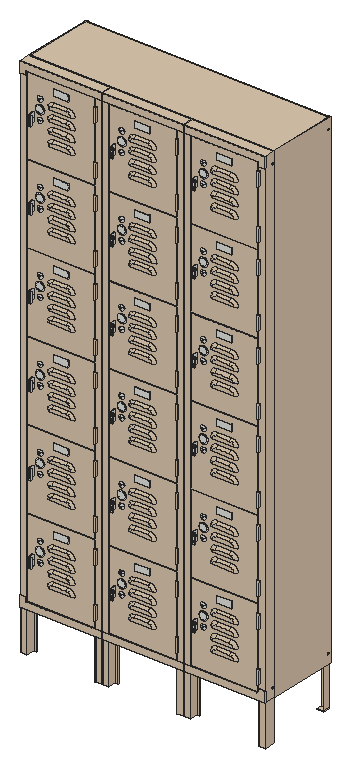
Revit family "Metal_Lockers-Salsbury_Industries-65000_66000_Series-3_Wide_Units", category Specialty Equipment, Revit 2024 (continued)
Nested families (in)
  nested 36: "Metal Locker Doors-12 inch with Latch Hasps" at (-0.01383, -5.555, 53.72076), type <- "Door Location D1", type "Six Tier Door - 6 foot"
  nested 37: "Metal Locker Doors-12 inch with Latch Hasps" at (-12.02717, -5.555, 53.72076), type <- "Door Location D1", type "Six Tier Door - 6 foot"
  nested 38: "Metal Locker Doors-12 inch with Latch Hasps" at (11.99976, -5.555, 65.37776), type <- "Door Location D1", visible <- "Top Row of Doors", type "Six Tier Door - 6 foot"
  nested 39: "Metal Locker Doors-12 inch with Latch Hasps" at (-0.01383, -5.555, 65.37776), type <- "Door Location D1", visible <- "Top Row of Doors", type "Six Tier Door - 6 foot"
  nested 40: "Metal Locker Doors-12 inch with Latch Hasps" at (-12.02717, -5.555, 65.37776), type <- "Door Location D1", visible <- "Top Row of Doors", type "Six Tier Door - 6 foot"
Definition of nested family "Metal Locker Legs - 3 Wide"
  Parameters (values of type "6" High - 45"W x 18"D")
    Width = 45.040"
    Visible = yes
    Version = "1.0 (11/30/15)"
    Type Comments = "Standard Metal Locker Legs"
    Primary Structure Material = none
    Model = "n/a"
    MasterFormat Title = ""
    MasterFormat Number = ""
    Manufacturer = "Salsbury Industries"
    Description = "45\"W x 6\" H x 18\"D"
    Depth = 18.010"
    Height = 6.000"
    Default Elevation = 0.000"
    Assembly Code = ""
  Types (6): name | Width | Visible | Type Comments | Description | Depth
    6" High - 36" W x 12" D | 36.040" | yes | "Standard Metal Locker Legs" | "36\"W x 6\" H x 12\"D" | 12.010"
    6" High - 36" W x 15" D | 36.040" | yes | "Standard Metal Locker Legs" | "36\"W x 6\" H x 15\"D" | 15.010"
    6" High - 36"W x 18"D | 36.040" | yes | "Standard Metal Locker Legs" | "36\"W x 6\" H x 18\"D" | 18.010"
    6" High - 45"W x 15"D | 45.040" | yes | "Standard Metal Locker Legs" | "45\"W x 6\" H x 15\"D" | 15.010"
    6" High - 45"W x 18"D | 45.040" | yes | "Standard Metal Locker Legs" | "45\"W x 6\" H x 18\"D" | 18.010"
    No Legs | 36.040" | no | "No Legs" | "" | 12.010"
  Reference planes (in)
    plane 1 "Center (Front/Back)": y = 0
    plane 2: z = 0
    plane 3 "Center (Left/Right)": x = 0
    plane 4 "Floor": z = 0
    plane 5 "Bottom of Unit": z = 6
    plane 6 "Left Side of Unit": x = -22.52
    plane 7 "Right Side of Unit": x = 22.52
    plane 8 "Back of Unit": y = 9.005
    plane 9 "Front of Unit": y = -9.005
    plane 10 "Right Side of Door Opening": x = 21.52
    plane 11 "Left Side of Door Opening": x = -21.52
    plane 12 "Top of back legs": z = 6.185
    plane 13 "Back Edge of Front Facing": y = -7.417
    plane 14 "Inside Edge of Front Leg": x = -21.08
    plane 15 "Inside Edge of Right Leg": x = 21.08
    plane 16: y = -7.82
    plane 17 "Back Edge of Rear Legs": y = 8.895
    plane 18 "Right Edge of Rear Right Leg": x = 22.4
    plane 19 "Left Edge or Rear Left Leg": x = -22.4
    plane 20: y = 7.895
    plane 21 "Inside Edge or Rear Right Leg": x = 21.4
    plane 22 "Inside Edge or Left Rear Leg": x = -21.4
    plane 23: x = 7.50667
    plane 24: x = -7.50667
  Forms (in)
    Extrusion 1, solid, material <- "Primary Structure Material", visible <- "Visible"
      sketch origin (0, 0, 0) x (0, -1, 0) y (1, 0, 0)
        loop
          line (7.417, 22.52) -> (7.417, 22.46) -> (8.945, 22.46) -> (8.945, 21.58) -> (7.76, 21.58) -> (7.76, 21.08) -> (7.82, 21.08) -> (7.82, 21.52) -> (9.005, 21.52) -> (9.005, 22.52) -> (7.417, 22.52)
      from 0 to 6
    Extrusion 2, solid, material <- "Primary Structure Material", visible <- "Visible"
      sketch origin (0, 0, 0) x (0, -1, 0) y (1, 0, 0)
        loop
          line (7.417, -22.52) -> (9.005, -22.52) -> (9.005, -21.52) -> (7.82, -21.52) -> (7.82, -21.08) -> (7.76, -21.08) -> (7.76, -21.58) -> (8.945, -21.58) -> (8.945, -22.46) -> (7.417, -22.46) -> (7.417, -22.52)
      from 0 to 6
    Extrusion 3, solid, material <- "Primary Structure Material", visible <- "Visible"
      sketch origin (0, 0, 0) x (0, -1, 0) y (1, 0, 0)
        loop
          line (-8.895, 22.4) -> (-8.895, 21.4) -> (-8.835, 21.4) -> (-8.835, 22.34) -> (-7.895, 22.34) -> (-7.895, 22.4) -> (-8.895, 22.4)
      from 0.06 to 6.185
    Extrusion 4, solid, material <- "Primary Structure Material", visible <- "Visible"
      sketch origin (0, 0, 0) x (0, -1, 0) y (1, 0, 0)
        loop
          line (-8.895, 22.4) -> (-8.895, 21.4) -> (-7.895, 21.4) -> (-7.895, 22.4) -> (-8.895, 22.4)
      from 0 to 0.06
    Extrusion 5, solid, material <- "Primary Structure Material", visible <- "Visible"
      sketch origin (0, 0, 0) x (0, -1, 0) y (1, 0, 0)
        loop
          line (-8.895, -22.4) -> (-7.895, -22.4) -> (-7.895, -22.34) -> (-8.835, -22.34) -> (-8.835, -21.4) -> (-8.895, -21.4) -> (-8.895, -22.4)
      from 0.06 to 6.185
    Extrusion 6, solid, material <- "Primary Structure Material", visible <- "Visible"
      sketch origin (0, 0, 0) x (0, -1, 0) y (1, 0, 0)
        loop
          line (-8.895, -22.4) -> (-7.895, -22.4) -> (-7.895, -21.4) -> (-8.895, -21.4) -> (-8.895, -22.4)
      from 0 to 0.06
    Extrusion 7, solid, material <- "Primary Structure Material", visible <- "Visible"
      sketch origin (12, 0, 0) x (0, -1, 0) y (1, 0, 0)
        loop
          line (7.417, -19.50667) -> (9.005, -19.50667) -> (9.005, -18.50667) -> (7.82, -18.50667) -> (7.82, -18.06667) -> (7.76, -18.06667) -> (7.76, -18.56667) -> (8.945, -18.56667) -> (8.945, -19.44667) -> (7.417, -19.44667) -> (7.417, -19.50667)
      from 0 to 6
    Extrusion 8, solid, material <- "Primary Structure Material", visible <- "Visible"
      sketch origin (24.04, 0, 0) x (0, -1, 0) y (1, 0, 0)
        loop
          line (7.417, -16.53333) -> (9.005, -16.53333) -> (9.005, -15.53333) -> (7.82, -15.53333) -> (7.82, -15.09333) -> (7.76, -15.09333) -> (7.76, -15.59333) -> (8.945, -15.59333) -> (8.945, -16.47333) -> (7.417, -16.47333) -> (7.417, -16.53333)
      from 0 to 6
    Extrusion 9, solid, material <- "Primary Structure Material", visible <- "Visible"
      sketch origin (-12, 0, 0) x (0, -1, 0) y (1, 0, 0)
        loop
          line (7.417, 19.50667) -> (7.417, 19.44667) -> (8.945, 19.44667) -> (8.945, 18.56667) -> (7.76, 18.56667) -> (7.76, 18.06667) -> (7.82, 18.06667) -> (7.82, 18.50667) -> (9.005, 18.50667) -> (9.005, 19.50667) -> (7.417, 19.50667)
      from 0 to 6
    Extrusion 10, solid, material <- "Primary Structure Material", visible <- "Visible"
      sketch origin (-24.04, 0, 0) x (0, -1, 0) y (1, 0, 0)
        loop
          line (7.417, 16.53333) -> (7.417, 16.47333) -> (8.945, 16.47333) -> (8.945, 15.59333) -> (7.76, 15.59333) -> (7.76, 15.09333) -> (7.82, 15.09333) -> (7.82, 15.53333) -> (9.005, 15.53333) -> (9.005, 16.53333) -> (7.417, 16.53333)
      from 0 to 6
  Dimensions and locks (in)
    equal spacing: plane 6 "Left Side of Unit", plane 3 "Center (Left/Right)", plane 7 "Right Side of Unit"
    "Width": plane 6 "Left Side of Unit" to plane 7 "Right Side of Unit"
    "Height": plane 5 "Bottom of Unit" to plane 4 "Floor"
    equal spacing: plane 9 "Front of Unit", plane 1 "Center (Front/Back)", plane 8 "Back of Unit"
    "Depth": plane 9 "Front of Unit" to plane 8 "Back of Unit"
    plane 12 "Top of back legs" to plane 5 "Bottom of Unit" = 0.185"
    plane 6 "Left Side of Unit" to plane 11 "Left Side of Door Opening" = 1.000"
    plane 10 "Right Side of Door Opening" to plane 7 "Right Side of Unit" = 1.000"
    locked: plane 9 "Front of Unit" to plane 13 "Back Edge of Front Facing" at 1.588
    plane 11 "Left Side of Door Opening" to plane 14 "Inside Edge of Front Leg" = 0.440"
    plane 15 "Inside Edge of Right Leg" to plane 10 "Right Side of Door Opening" = 0.440"
    plane 9 "Front of Unit" to plane 16 = 1.185"
    plane 15 "Inside Edge of Right Leg" to plane 21 "Inside Edge or Rear Right Leg" to plane 10 "Right Side of Door Opening" to plane 18 "Right Edge of Rear Right Leg" to plane 7 "Right Side of Unit" = 0.320", 0.120", 0.880", 0.120"
    plane 6 "Left Side of Unit" to plane 19 "Left Edge or Rear Left Leg" to plane 11 "Left Side of Door Opening" to plane 22 "Inside Edge or Left Rear Leg" to plane 14 "Inside Edge of Front Leg" = 0.120", 0.880", 0.120", 0.320"
    plane 20 to plane 17 "Back Edge of Rear Legs" to plane 8 "Back of Unit" = 1.000", 0.110"
    equal spacing: plane 6 "Left Side of Unit", plane 24, plane 23, plane 7 "Right Side of Unit"
    aligned and locked: level to plane 2
    aligned and locked: Extrusion 3 to Extrusion 4
    aligned and locked: Extrusion 6 to Extrusion 5
    aligned and locked: Extrusion 3 to plane 18 "Right Edge of Rear Right Leg"
    aligned and locked: Extrusion 3 to plane 17 "Back Edge of Rear Legs"
    aligned and locked: Extrusion 5 to plane 19 "Left Edge or Rear Left Leg"
    aligned and locked: plane 17 "Back Edge of Rear Legs" to Extrusion 5
    aligned and locked: plane 5 "Bottom of Unit" to Extrusion 2
    aligned and locked: Extrusion 1 to plane 5 "Bottom of Unit"
    aligned and locked: Extrusion 3 to plane 12 "Top of back legs"
    aligned and locked: plane 12 "Top of back legs" to Extrusion 5
  Automatic sketch dimensions
    plane 13 "Back Edge of Front Facing" to Extrusion 1 sketch curve = 0.000"
    Extrusion 1 sketch curve to plane 15 "Inside Edge of Right Leg" = 0.000"
    plane 16 to Extrusion 1 sketch curve = 0.000"
    Extrusion 1 sketch curve to plane 7 "Right Side of Unit" = 0.000"
    plane 9 "Front of Unit" to Extrusion 1 sketch curve = 0.000"
    Extrusion 1 sketch curve to plane 10 "Right Side of Door Opening" = 0.000"
    Extrusion 1 sketch curve to plane 16 = 0.060"
    Extrusion 1 sketch curve to plane 9 "Front of Unit" = 0.060"
    Extrusion 1 sketch curve to plane 10 "Right Side of Door Opening" = 0.060"
    plane 7 "Right Side of Unit" to Extrusion 1 sketch curve = 0.060"
    Extrusion 2 sketch curve to plane 13 "Back Edge of Front Facing" = 0.000"
    Extrusion 2 sketch curve to plane 14 "Inside Edge of Front Leg" = 0.000"
    Extrusion 2 sketch curve to plane 16 = 0.000"
    Extrusion 2 sketch curve to plane 6 "Left Side of Unit" = 0.000"
    Extrusion 2 sketch curve to plane 9 "Front of Unit" = 0.000"
    Extrusion 2 sketch curve to plane 11 "Left Side of Door Opening" = 0.000"
    plane 16 to Extrusion 2 sketch curve = 0.060"
    plane 9 "Front of Unit" to Extrusion 2 sketch curve = 0.060"
    Extrusion 2 sketch curve to plane 11 "Left Side of Door Opening" = 0.060"
    plane 6 "Left Side of Unit" to Extrusion 2 sketch curve = 0.060"
    plane 17 "Back Edge of Rear Legs" to Extrusion 3 sketch curve = 0.000"
    Extrusion 3 sketch curve to plane 21 "Inside Edge or Rear Right Leg" = 0.000"
    Extrusion 3 sketch curve to plane 18 "Right Edge of Rear Right Leg" = 0.000"
    plane 20 to Extrusion 3 sketch curve = 0.000"
    plane 17 "Back Edge of Rear Legs" to Extrusion 3 sketch curve = 0.060"
    plane 18 "Right Edge of Rear Right Leg" to Extrusion 3 sketch curve = 0.060"
    plane 17 "Back Edge of Rear Legs" to Extrusion 4 sketch curve = 0.000"
    Extrusion 4 sketch curve to plane 18 "Right Edge of Rear Right Leg" = 0.000"
    plane 20 to Extrusion 4 sketch curve = 0.000"
    Extrusion 4 sketch curve to plane 21 "Inside Edge or Rear Right Leg" = 0.000"
    Extrusion 5 sketch curve to plane 17 "Back Edge of Rear Legs" = 0.000"
    Extrusion 5 sketch curve to plane 22 "Inside Edge or Left Rear Leg" = 0.000"
    Extrusion 5 sketch curve to plane 19 "Left Edge or Rear Left Leg" = 0.000"
    Extrusion 5 sketch curve to plane 20 = 0.000"
    Extrusion 5 sketch curve to plane 17 "Back Edge of Rear Legs" = 0.060"
    Extrusion 5 sketch curve to plane 19 "Left Edge or Rear Left Leg" = 0.060"
    Extrusion 6 sketch curve to plane 17 "Back Edge of Rear Legs" = 0.000"
    Extrusion 6 sketch curve to plane 19 "Left Edge or Rear Left Leg" = 0.000"
    Extrusion 6 sketch curve to plane 20 = 0.000"
    Extrusion 6 sketch curve to plane 22 "Inside Edge or Left Rear Leg" = 0.000"
    plane 13 "Back Edge of Front Facing" to Extrusion 7 sketch curve = 0.000"
    plane 16 to Extrusion 7 sketch curve = 0.000"
    plane 9 "Front of Unit" to Extrusion 7 sketch curve = 0.000"
    Extrusion 7 sketch curve to plane 24 = 0.000"
    plane 16 to Extrusion 7 sketch curve = 0.060"
    plane 9 "Front of Unit" to Extrusion 7 sketch curve = 0.060"
    plane 24 to Extrusion 7 sketch curve = 0.060"
    plane 24 to Extrusion 7 sketch curve = 0.940"
    Extrusion 7 sketch curve to Extrusion 7 sketch curve = 0.060"
    Extrusion 7 sketch curve to Extrusion 7 sketch curve = 0.440"
    plane 13 "Back Edge of Front Facing" to Extrusion 8 sketch curve = 0.000"
    plane 16 to Extrusion 8 sketch curve = 0.000"
    plane 9 "Front of Unit" to Extrusion 8 sketch curve = 0.000"
    Extrusion 8 sketch curve to plane 23 = 0.000"
    plane 16 to Extrusion 8 sketch curve = 0.060"
    plane 9 "Front of Unit" to Extrusion 8 sketch curve = 0.060"
    plane 23 to Extrusion 8 sketch curve = 0.060"
    plane 23 to Extrusion 8 sketch curve = 0.940"
    Extrusion 8 sketch curve to Extrusion 8 sketch curve = 0.060"
    Extrusion 8 sketch curve to Extrusion 8 sketch curve = 0.440"
    plane 13 "Back Edge of Front Facing" to Extrusion 9 sketch curve = 0.000"
    plane 16 to Extrusion 9 sketch curve = 0.000"
    plane 9 "Front of Unit" to Extrusion 9 sketch curve = 0.000"
    Extrusion 9 sketch curve to plane 23 = 0.000"
    Extrusion 9 sketch curve to plane 16 = 0.060"
    Extrusion 9 sketch curve to plane 9 "Front of Unit" = 0.060"
    plane 23 to Extrusion 9 sketch curve = 0.060"
    plane 23 to Extrusion 9 sketch curve = 0.940"
    Extrusion 9 sketch curve to Extrusion 9 sketch curve = 0.060"
    Extrusion 9 sketch curve to Extrusion 9 sketch curve = 0.440"
    plane 13 "Back Edge of Front Facing" to Extrusion 10 sketch curve = 0.000"
    plane 16 to Extrusion 10 sketch curve = 0.000"
    plane 9 "Front of Unit" to Extrusion 10 sketch curve = 0.000"
    Extrusion 10 sketch curve to plane 24 = 0.000"
    Extrusion 10 sketch curve to plane 16 = 0.060"
    Extrusion 10 sketch curve to plane 9 "Front of Unit" = 0.060"
    plane 24 to Extrusion 10 sketch curve = 0.060"
    plane 24 to Extrusion 10 sketch curve = 0.940"
    Extrusion 10 sketch curve to Extrusion 10 sketch curve = 0.060"
    Extrusion 10 sketch curve to Extrusion 10 sketch curve = 0.440"
Definition of nested family "Metal Locker Doors-12 inch with Latch Hasps"
  Parameters (values of type "Six Tier Door - 6 foot")
    Width = 9.901"
    Visible = yes
    Primary Structure Material = none
    Louver Set Vertical Alignment = 2.731"
    Number Plate Alignment = 0.9375"
    Louver Width = 4.000"
    Hinge 2 Placement = 8.449"
    Hinge 1 Placement = 1.125"
    Height = 11.532"
    Hasp Plate Rivet Material = none
    Hasp Height = 1.438"
    Depth = 0.900"
    Default Elevation = 0.000"
  Types (4): name | Louver Set Vertical Alignment | Hinge 2 Placement | Height
    Four Tier Door - 6 foot | 5.710" | 14.142" | 17.360"
    Four Tier Door - 5 foot | 4.240" | 11.142" | 14.360"
    Five Tier Door - 5 foot | 2.826" | 8.188" | 11.463"
    Six Tier Door - 6 foot | 2.731" | 8.449" | 11.532"
  Reference planes (in)
    plane 1 "Center (Front/Back)": y = 0
    plane 2 "Bottom of Door": z = 0
    plane 3 "Center (Left/Right)": x = 0
    plane 4 "Center (Top/Bottom)": z = 5.766
    plane 5 "Top of Door": z = 11.532
    plane 6 "Right Side of Door": x = 4.9505
    plane 7 "Left Side of Door": x = -4.9505
    plane 8 "Front of Door": y = -0.45
    plane 9 "Back of Door": y = 0.45
    plane 10 "Top of Number Plate": z = 10.5945
    plane 11 "Top of Top Vent 1": z = 8.801
    plane 12 "Top of Top Vent 2": z = 7.176
    plane 13 "Top of Top Vent 3": z = 5.551
    plane 14 "Top of Top Vent 4": z = 3.926
    plane 15 "Top of Hasp Alignment": z = 6.485
    plane 16 "Bottom of Hasp Alignment": z = 5.047
    plane 17 "Left Side of Louvers": x = -2
    plane 18 "Right Side of Louvers": x = 2
    plane 19 "Front of Louvers": y = -0.6375
    plane 20: x = -1.094
    plane 21: x = 1.094
    plane 22: z = 9.5945
    plane 23 "Center Hasp": x = -1.7755
    plane 24 "Top of Hinge 2": z = 3.083
    plane 25 "Top of Hinge 1": z = 10.407
    plane 26 "Left Hasp Hole Align": x = -4.263
    plane 27 "Right Hasp Hole Align": x = -4.013
    plane 28 "Center Hasp Stud Align": z = 7.18441
    plane 29 "Top Hasp Stud Align": z = 8.60282
    plane 30 "Vertical Hasp Stud Align": x = -3.076
    plane 31: z = 7.801
    plane 32: z = 6.176
    plane 33: z = 4.551
    plane 34: z = 2.926
    plane 35 "Vertical Center Hasp Align": x = -4.13777
  Forms (in)
    Extrusion 1, solid, material <- "Primary Structure Material", visible <- "Visible"
      sketch origin (0, 0, 0) x (1, 0, 0) y (0, 0, 1)
        loop
          line (-4.9505, 11.532) -> (-4.9505, 0) -> (4.9505, 0) -> (4.9505, 11.532) -> (-4.9505, 11.532)
      from -0.45 to 0.45
    Extrusion 2, solid, material <- "Hasp Plate Rivet Material", visible <- "Visible", detail levels medium+fine
      sketch origin (0, -0.45, 0) x (1, 0, 0) y (0, 0, 1)
        loop
          arc (-1.06847, 10.55895) -> (-1.10166, 10.09621) -> (-1.06847, 9.63347) r 3.2426
          arc (-1.06847, 9.63347) -> (0, 9.59472) -> (1.06847, 9.63347) r 14.75
          arc (1.06847, 9.63347) -> (1.10166, 10.09621) -> (1.06847, 10.55895) r 3.2426
          arc (1.06847, 10.55895) -> (0, 10.59799) -> (-1.06847, 10.55895) r 14.63753
      from 0 to 0.03497
    Extrusion 3, void
      sketch origin (-1.7755, -0.13281, 0.04687) x (0, 0, -1) y (0, -1, 0)
        loop
          circle (-5.44277, -0.16411) r 0.2
      from -0.163 to 0.163
    Extrusion 4, solid, material <- "Primary Structure Material", visible <- "Visible", detail levels medium+fine
      sketch origin (0, 0, 10.407) x (0, -1, 0) y (1, 0, 0)
        loop
          line (0.45, 4.9505) -> (0.575, 4.9505)
          arc (0.575, 4.9505) -> (0.7, 5.0755) -> (0.575, 5.2005) r 0.125
          line (0.575, 5.2005) -> (0.45, 5.2005) -> (0.45, 4.9505)
      from 0 to -2
    Extrusion 5, solid, material <- "Primary Structure Material", visible <- "Visible", detail levels medium+fine
      sketch origin (0, 0, 3.083) x (0, -1, 0) y (1, 0, 0)
        loop
          line (0.45, 4.9505) -> (0.575, 4.9505)
          arc (0.575, 4.9505) -> (0.7, 5.0755) -> (0.575, 5.2005) r 0.125
          line (0.575, 5.2005) -> (0.45, 5.2005) -> (0.45, 4.9505)
      from 0 to -2
    Extrusion 6, void
      sketch origin (0, -0.45, 0) x (1, 0, 0) y (0, 0, 1)
        loop
          line (-4.263, 6.485) -> (-4.263, 5.047) -> (-4.013, 5.047) -> (-4.013, 6.485) -> (-4.263, 6.485)
      from -0.9 to 0
    Blend 7, solid, material <- "Primary Structure Material", visible <- "Visible"
      base sketch origin (0.875, -0.45, 0.208) x (1, 0, 0) y (0, 0, 1)
        loop
          line (-2.875, 7.593) -> (1.125, 7.593)
          arc (1.125, 7.593) -> (0.83211, 8.30011) -> (0.125, 8.593) r 1
          line (0.125, 8.593) -> (-1.875, 8.593)
          arc (-1.875, 8.593) -> (-2.58211, 8.30011) -> (-2.875, 7.593) r 1
      top sketch origin (0.875, -0.6375, 0.208) x (1, 0, 0) y (0, 0, 1)
        loop
          line (-2.44242, 7.593) -> (0.69242, 7.593)
          arc (0.69242, 7.593) -> (0.52766, 7.99075) -> (0.12992, 8.1555) r 0.5625
          line (0.12992, 8.1555) -> (-1.87992, 8.1555)
          arc (-1.87992, 8.1555) -> (-2.27766, 7.99075) -> (-2.44242, 7.593) r 0.5625
      from 0 to 0
    Blend 8, solid, material <- "Primary Structure Material", visible <- "Visible"
      base sketch origin (0.875, -0.45, 1.652) x (1, 0, 0) y (0, 0, 1)
        loop
          line (-2.875, 4.524) -> (1.125, 4.524)
          arc (1.125, 4.524) -> (0.83211, 5.23111) -> (0.125, 5.524) r 1
          line (0.125, 5.524) -> (-1.875, 5.524)
          arc (-1.875, 5.524) -> (-2.58211, 5.23111) -> (-2.875, 4.524) r 1
      top sketch origin (0.875, -0.6375, 1.652) x (1, 0, 0) y (0, 0, 1)
        loop
          line (-2.43346, 4.524) -> (0.68346, 4.524)
          arc (0.68346, 4.524) -> (0.52224, 4.91321) -> (0.13303, 5.07443) r 0.55043
          line (0.13303, 5.07443) -> (-1.88303, 5.07443)
          arc (-1.88303, 5.07443) -> (-2.27224, 4.91321) -> (-2.43346, 4.524) r 0.55043
      from 0 to 0
    Blend 9, solid, material <- "Primary Structure Material", visible <- "Visible"
      base sketch origin (0.875, -0.45, -3.042) x (1, 0, 0) y (0, 0, 1)
        loop
          line (-2.875, 7.593) -> (1.125, 7.593)
          arc (1.125, 7.593) -> (0.83211, 8.30011) -> (0.125, 8.593) r 1
          line (0.125, 8.593) -> (-1.875, 8.593)
          arc (-1.875, 8.593) -> (-2.58211, 8.30011) -> (-2.875, 7.593) r 1
      top sketch origin (0.875, -0.6375, -3.042) x (1, 0, 0) y (0, 0, 1)
        loop
          line (-2.44242, 7.593) -> (0.58842, 7.593)
          arc (0.58842, 7.593) -> (0.45412, 7.91721) -> (0.12992, 8.0515) r 0.4585
          line (0.12992, 8.0515) -> (-1.98392, 8.0515)
          arc (-1.98392, 8.0515) -> (-2.30812, 7.91721) -> (-2.44242, 7.593) r 0.4585
      from 0 to 0
    Blend 10, solid, material <- "Primary Structure Material", visible <- "Visible"
      base sketch origin (0.875, -0.45, -1.598) x (1, 0, 0) y (0, 0, 1)
        loop
          line (-2.875, 4.524) -> (1.125, 4.524)
          arc (1.125, 4.524) -> (0.83211, 5.23111) -> (0.125, 5.524) r 1
          line (0.125, 5.524) -> (-1.875, 5.524)
          arc (-1.875, 5.524) -> (-2.58211, 5.23111) -> (-2.875, 4.524) r 1
      top sketch origin (0.875, -0.6375, -1.598) x (1, 0, 0) y (0, 0, 1)
        loop
          line (-2.43234, 4.524) -> (0.68234, 4.524)
          arc (0.68234, 4.524) -> (0.52129, 4.9128) -> (0.13249, 5.07385) r 0.54985
          line (0.13249, 5.07385) -> (-1.88249, 5.07385)
          arc (-1.88249, 5.07385) -> (-2.27129, 4.9128) -> (-2.43234, 4.524) r 0.54985
      from 0 to 0
    Blend 11, solid, material <- "Hasp Plate Rivet Material", visible <- "Visible", detail levels medium+fine
      base sketch origin (0, -0.45, 0) x (1, 0, 0) y (0, 0, 1)
        loop
          circle (-3.076, 5.766) r 0.375
      top sketch origin (0, -0.45, 0) x (1, 0, 0) y (0, 0, 1)
        loop
          circle (-3.076, 5.766) r 0.09706
      from 0 to 0.03497
    Blend 12, solid, material <- "Hasp Plate Rivet Material", visible <- "Visible", detail levels medium+fine
      base sketch origin (0, -0.45, 2.83682) x (1, 0, 0) y (0, 0, 1)
        loop
          circle (-3.076, 5.766) r 0.375
      top sketch origin (0, -0.45, 2.83682) x (1, 0, 0) y (0, 0, 1)
        loop
          circle (-3.076, 5.766) r 0.09706
      from 0 to 0.03497
    Blend 13, solid, material <- "Hasp Plate Rivet Material", visible <- "Visible", detail levels medium+fine
      base sketch origin (0, -0.45, -0.16841) x (1, 0, 0) y (0, 0, 1)
        loop
          circle (-3.076, 7.35282) r 0.625
      top sketch origin (0, -0.45, -0.16841) x (1, 0, 0) y (0, 0, 1)
        loop
          circle (-3.076, 7.35282) r 0.58088
      from 0 to 0.03497
    Extrusion 14, solid, material <- "Hasp Plate Rivet Material", visible <- "Visible"
      sketch origin (0, 0, 5.047) x (0, -1, 0) y (1, 0, 0)
        loop
          line (-0.45, -4.07527) -> (-0.45, -4.13777) -> (1.2, -4.13777)
          arc (1.2, -4.13777) -> (1.24419, -4.11946) -> (1.2625, -4.07527) r 0.0625
          line (1.2625, -4.07527) -> (1.2625, -3.76277) -> (1.20579, -3.76277) -> (1.20579, -4.0127)
          arc (1.20579, -4.0127) -> (1.18746, -4.05694) -> (1.14322, -4.07527) r 0.06257
          line (1.14322, -4.07527) -> (-0.45, -4.07527)
      from 0 to 1.438
    Extrusion 15, solid, material <- "Hasp Plate Rivet Material", visible <- "Visible"
      sketch origin (0, 0, 5.047) x (0, -1, 0) y (1, 0, 0)
        loop
          line (-0.45, -4.20027) -> (1.2625, -4.20027) -> (1.2625, -4.13777) -> (-0.45, -4.13777) -> (-0.45, -4.20027)
      from 0 to 1.438
    Extrusion 16, void
      sketch origin (-4.013, 0, 0) x (0, 0, -1) y (0, -1, 0)
        loop
          circle (-5.766, 0.82219) r 0.375
      from 0 to 0.25
  Cuts and joins
    Extrusion 3, Extrusion 6 cuts Extrusion 1
    Extrusion 16 cuts Extrusion 14
    Extrusion 16 cuts Extrusion 15
  Lines and regions (in)
    symbolic lines
      curve 1: arc (-2, -0.45, 7.801) -> (-1.70711, -0.45, 8.50811) -> (-1, -0.45, 8.801) r 1
      curve 2: arc (2, -0.45, 7.801) -> (1.70711, -0.45, 8.50811) -> (1, -0.45, 8.801) r 1
      curve 3: arc (2, -0.45, 6.176) -> (1.70711, -0.45, 6.88311) -> (1, -0.45, 7.176) r 1
      curve 4: arc (-2, -0.45, 6.176) -> (-1.70711, -0.45, 6.88311) -> (-1, -0.45, 7.176) r 1
      curve 5: arc (2, -0.45, 4.551) -> (1.70711, -0.45, 5.25811) -> (1, -0.45, 5.551) r 1
      curve 6: arc (-2, -0.45, 4.551) -> (-1.70711, -0.45, 5.25811) -> (-1, -0.45, 5.551) r 1
      curve 7: arc (-2, -0.45, 2.926) -> (-1.70711, -0.45, 3.63311) -> (-1, -0.45, 3.926) r 1
      curve 8: arc (2, -0.45, 2.926) -> (1.70711, -0.45, 3.63311) -> (1, -0.45, 3.926) r 1
      curve 9: line (-2, -0.45, 2.926) -> (2, -0.45, 2.926)
      curve 10: line (1, -0.45, 3.926) -> (-1, -0.45, 3.926)
      curve 11: line (-2, -0.45, 4.551) -> (2, -0.45, 4.551)
      curve 12: line (1, -0.45, 5.551) -> (-1, -0.45, 5.551)
      curve 13: line (1, -0.45, 7.176) -> (-1, -0.45, 7.176)
      curve 14: line (-2, -0.45, 6.176) -> (2, -0.45, 6.176)
      curve 15: line (2, -0.45, 7.801) -> (-2, -0.45, 7.801)
      curve 16: line (1, -0.45, 8.801) -> (-1, -0.45, 8.801)
      curve 17: circle (-3.076, -0.45, 7.18441) r 0.625 normal (0, -1, 0)
      curve 18: circle (-3.076, -0.45, 8.60282) r 0.375 normal (0, -1, 0)
      curve 19: circle (-3.076, -0.45, 5.766) r 0.375 normal (0, -1, 0)
      curve 20: line (-4.263, -0.45, 6.485) -> (-3.76277, -0.45, 6.485)
      curve 21: line (-4.263, -0.45, 5.047) -> (-4.263, -0.45, 6.485)
      curve 22: line (-3.76277, -0.45, 5.047) -> (-4.263, -0.45, 5.047)
      curve 23: line (-3.76277, -0.45, 6.485) -> (-3.76277, -0.45, 5.047)
      curve 24: line (-4.20027, -0.44719, 5.047) -> (-4.20027, -1.2625, 5.047)
      curve 25: line (-4.20027, -1.2625, 5.047) -> (-3.76277, -1.2625, 5.047)
      curve 26: line (-3.76277, -1.2625, 5.047) -> (-3.76277, -1.20579, 5.047)
      curve 27: line (-3.76277, -1.20579, 5.047) -> (-4.0127, -1.20579, 5.047)
      curve 28: arc (-4.0127, -1.20579, 5.047) -> (-4.05694, -1.18746, 5.047) -> (-4.07527, -1.14322, 5.047) r 0.06257
      curve 29: line (-4.07527, -1.14322, 5.047) -> (-4.07527, -0.44719, 5.047)
      curve 30: line (-1.56742, -0.6375, 5.047) -> (-2, -0.45, 5.047)
      curve 31: line (1.55734, -0.6375, 5.047) -> (2.0161, -0.43865, 5.047)
      curve 32: line (1.55734, -0.6375, 5.047) -> (-1.56742, -0.6375, 5.047)
  Dimensions and locks (in)
    equal spacing: plane 5 "Top of Door", plane 4 "Center (Top/Bottom)", plane 2 "Bottom of Door"
    "Height": plane 5 "Top of Door" to plane 2 "Bottom of Door"
    equal spacing: plane 8 "Front of Door", plane 1 "Center (Front/Back)", plane 9 "Back of Door"
    "Depth": plane 8 "Front of Door" to plane 9 "Back of Door"
    equal spacing: plane 7 "Left Side of Door", plane 3 "Center (Left/Right)", plane 6 "Right Side of Door"
    "Width": plane 7 "Left Side of Door" to plane 6 "Right Side of Door"
    "Number Plate Alignment": plane 5 "Top of Door" to plane 10 "Top of Number Plate" to plane 22
    equal spacing: plane 17 "Left Side of Louvers", plane 3 "Center (Left/Right)", plane 18 "Right Side of Louvers"
    "Louver Width": plane 17 "Left Side of Louvers" to plane 18 "Right Side of Louvers"
    "Louver Set Vertical Alignment": plane 5 "Top of Door" to plane 11 "Top of Top Vent 1"
    plane 11 "Top of Top Vent 1" to plane 12 "Top of Top Vent 2" to plane 13 "Top of Top Vent 3" to plane 14 "Top of Top Vent 4" = 1.625", 1.625", 1.625"
    plane 29 "Top Hasp Stud Align" to plane 28 "Center Hasp Stud Align" to plane 15 "Top of Hasp Alignment" to plane 4 "Center (Top/Bottom)" to plane 16 "Bottom of Hasp Alignment" = 1.41841", 0.69941", 0.719", 0.719"
    "Hasp Height": plane 15 "Top of Hasp Alignment" to plane 16 "Bottom of Hasp Alignment"
    locked: plane 19 "Front of Louvers" to plane 8 "Front of Door" at 0.1875
    plane 20 to plane 3 "Center (Left/Right)" to plane 21 = 1.094" locked, 1.094" locked
    "Hinge 1 Placement": plane 5 "Top of Door" to plane 25 "Top of Hinge 1"
    "Hinge 2 Placement": plane 5 "Top of Door" to plane 24 "Top of Hinge 2"
    plane 7 "Left Side of Door" to plane 26 "Left Hasp Hole Align" to plane 27 "Right Hasp Hole Align" to plane 30 "Vertical Hasp Stud Align" = 0.6875" locked, 0.250" locked, 0.937" locked
    plane 11 "Top of Top Vent 1" to plane 31 = 1.000"
    plane 12 "Top of Top Vent 2" to plane 32 = 1.000"
    plane 13 "Top of Top Vent 3" to plane 33 = 1.000"
    plane 14 "Top of Top Vent 4" to plane 34 = 1.000"
    aligned and locked: level to plane 2 "Bottom of Door"
    aligned and locked: plane 5 "Top of Door" to Extrusion 1 sketch curve
    aligned and locked: Extrusion 1 sketch curve to plane 7 "Left Side of Door"
    aligned and locked: plane 2 "Bottom of Door" to Extrusion 1 sketch curve
    aligned and locked: plane 6 "Right Side of Door" to Extrusion 1 sketch curve
    aligned and locked: plane 15 "Top of Hasp Alignment" to Extrusion 6 sketch curve
    aligned and locked: Extrusion 6 sketch curve to plane 26 "Left Hasp Hole Align"
    aligned and locked: Extrusion 6 sketch curve to plane 16 "Bottom of Hasp Alignment"
    aligned and locked: plane 27 "Right Hasp Hole Align" to Extrusion 6 sketch curve
    aligned and locked: plane 11 "Top of Top Vent 1" to Blend 7
    aligned and locked: plane 12 "Top of Top Vent 2" to Blend 8
    aligned and locked: plane 13 "Top of Top Vent 3" to Blend 9
    aligned and locked: plane 14 "Top of Top Vent 4" to Blend 10
    aligned and locked: plane 31 to Blend 7
    aligned and locked: Blend 7 sketch curve to plane 11 "Top of Top Vent 1"
    aligned and locked: plane 31 to Blend 7 sketch curve  (x2)
    aligned and locked: Blend 8 sketch curve to plane 12 "Top of Top Vent 2"
    aligned and locked: plane 32 to Blend 8 sketch curve  (x2)
    aligned and locked: Blend 9 sketch curve to plane 13 "Top of Top Vent 3"
    aligned and locked: plane 33 to Blend 9 sketch curve  (x2)
    aligned and locked: Blend 10 sketch curve to plane 14 "Top of Top Vent 4"
    aligned and locked: plane 34 to Blend 10 sketch curve  (x2)
    aligned and locked: plane 29 "Top Hasp Stud Align" to Blend 12 sketch curve  (x2)
    aligned and locked: plane 4 "Center (Top/Bottom)" to Blend 11 sketch curve  (x2)
    aligned and locked: plane 28 "Center Hasp Stud Align" to Blend 13 sketch curve  (x2)
    aligned and locked: plane 35 "Vertical Center Hasp Align" to Extrusion 15 sketch curve
    aligned and locked: plane 35 "Vertical Center Hasp Align" to Extrusion 14 sketch curve
    aligned and locked: plane 4 "Center (Top/Bottom)" to Extrusion 16 sketch curve
    aligned and locked: curve 1 to Blend 7  (x2)
    aligned and locked: Blend 7 to curve 2  (x2)
    aligned and locked: curve 3 to Blend 8
    aligned and locked: Blend 8 to curve 3
    aligned and locked: curve 4 to Blend 8
    aligned and locked: curve 5 to Blend 9
    aligned and locked: Blend 9 to curve 5
    aligned and locked: Blend 9 to curve 6
    aligned and locked: curve 6 to Blend 9
    aligned and locked: curve 7 to Blend 10
    aligned and locked: curve 8 to Blend 10
    aligned and locked: curve 9 to Blend 10
    aligned and locked: curve 10 to Blend 10
    aligned and locked: curve 14 to Blend 8
    aligned and locked: curve 20 to cut or joined group of Extrusion 1, Extrusion 3, Extrusion 6
    aligned and locked: curve 21 to cut or joined group of Extrusion 1, Extrusion 3, Extrusion 6
    aligned and locked: curve 22 to cut or joined group of Extrusion 14, Extrusion 16
    aligned and locked: curve 23 to cut or joined group of Extrusion 14, Extrusion 16
    aligned and locked: curve 24 to cut or joined group of Extrusion 15, Extrusion 16
    aligned and locked: curve 25 to cut or joined group of Extrusion 15, Extrusion 16
    aligned and locked: curve 26 to cut or joined group of Extrusion 14, Extrusion 16
    aligned and locked: curve 27 to cut or joined group of Extrusion 14, Extrusion 16
    aligned and locked: curve 28 to cut or joined group of Extrusion 14, Extrusion 16
  Automatic sketch dimensions
    Extrusion 2 sketch curve to plane 3 "Center (Left/Right)" = 0.000"  (x2)
    plane 17 "Left Side of Louvers" to Extrusion 2 sketch curve = 0.14094"
    Extrusion 2 sketch curve to plane 18 "Right Side of Louvers" = 0.14094"
    Extrusion 2 sketch curve to level = 4.03954"
    plane 25 "Top of Hinge 1" to Extrusion 2 sketch curve = 0.31079"  (x2)
    Extrusion 2 sketch curve to plane 5 "Top of Door" = 12.81272"
    Extrusion 2 sketch curve to plane 20 = 0.02553"  (x2)
    plane 21 to Extrusion 2 sketch curve = 0.02553"
    Extrusion 2 sketch curve to plane 22 = 0.03897"
    plane 13 "Top of Top Vent 3" to Extrusion 3 sketch curve = 0.06135"
    Extrusion 3 sketch curve to plane 1 "Center (Front/Back)" = 0.0313"
    Extrusion 4 sketch curve to plane 6 "Right Side of Door" = 0.000"
    plane 8 "Front of Door" to Extrusion 4 sketch curve = 0.000"
    Extrusion 4 sketch curve to plane 19 "Front of Louvers" = 0.0625"
    Extrusion 4 sketch curve to plane 6 "Right Side of Door" = 0.125"
    Extrusion 5 sketch curve to plane 6 "Right Side of Door" = 0.000"
    plane 8 "Front of Door" to Extrusion 5 sketch curve = 0.000"
    Extrusion 5 sketch curve to plane 19 "Front of Louvers" = 0.0625"
    Extrusion 5 sketch curve to plane 6 "Right Side of Door" = 0.125"
    plane 17 "Left Side of Louvers" to Blend 7 sketch curve = 0.000"
    plane 18 "Right Side of Louvers" to Blend 7 sketch curve = 0.000"
    Blend 7 sketch curve to plane 23 "Center Hasp" = 0.20808"
    Blend 7 sketch curve to plane 20 = 0.08908"
    plane 21 to Blend 7 sketch curve = 0.08908"
    plane 17 "Left Side of Louvers" to Blend 8 sketch curve = 0.000"
    plane 18 "Right Side of Louvers" to Blend 8 sketch curve = 0.000"
    Blend 8 sketch curve to plane 23 "Center Hasp" = 0.21704"
    Blend 8 sketch curve to plane 20 = 0.08597"
    plane 21 to Blend 8 sketch curve = 0.08597"
    plane 17 "Left Side of Louvers" to Blend 9 sketch curve = 0.000"
    plane 18 "Right Side of Louvers" to Blend 9 sketch curve = 0.000"
    Blend 9 sketch curve to plane 23 "Center Hasp" = 0.20808"
    plane 16 "Bottom of Hasp Alignment" to Blend 9 sketch curve = 0.0375"
    plane 21 to Blend 9 sketch curve = 0.08908"
    plane 17 "Left Side of Louvers" to Blend 10 sketch curve = 0.000"
    plane 18 "Right Side of Louvers" to Blend 10 sketch curve = 0.000"
    Blend 10 sketch curve to plane 23 "Center Hasp" = 0.21816"
    Blend 10 sketch curve to plane 20 = 0.08651"
    plane 21 to Blend 10 sketch curve = 0.08651"
    plane 30 "Vertical Hasp Stud Align" to Blend 11 sketch curve = 0.000"  (x2)
    plane 30 "Vertical Hasp Stud Align" to Blend 12 sketch curve = 0.000"  (x2)
    plane 30 "Vertical Hasp Stud Align" to Blend 13 sketch curve = 0.000"  (x2)
    Extrusion 14 sketch curve to plane 1 "Center (Front/Back)" = 0.450"
    plane 27 "Right Hasp Hole Align" to Extrusion 14 sketch curve = 0.06227"
    Extrusion 14 sketch curve to plane 27 "Right Hasp Hole Align" = 0.0003"
    plane 19 "Front of Louvers" to Extrusion 14 sketch curve = 0.50572"
    Extrusion 14 sketch curve to Extrusion 14 sketch curve = 0.05678"
    Extrusion 14 sketch curve to Extrusion 14 sketch curve = 0.24993"
    plane 9 "Back of Door" to Extrusion 15 sketch curve = 0.000"
    plane 19 "Front of Louvers" to Extrusion 15 sketch curve = 0.625"
    Extrusion 15 sketch curve to plane 26 "Left Hasp Hole Align" = 0.06273"
    Extrusion 14 sketch curve to Extrusion 14 sketch curve = 0.06257"
    plane 19 "Front of Louvers" to Extrusion 16 sketch curve = 0.18469"
    curve 19 to plane 4 "Center (Top/Bottom)" = 0.000"
    plane 30 "Vertical Hasp Stud Align" to curve 19 = 0.000"
    curve 17 to plane 28 "Center Hasp Stud Align" = 0.000"
    plane 30 "Vertical Hasp Stud Align" to curve 17 = 0.000"
    curve 18 to plane 29 "Top Hasp Stud Align" = 0.000"
    plane 30 "Vertical Hasp Stud Align" to curve 18 = 0.000"
    plane 17 "Left Side of Louvers" to curve 11 = 0.000"
    plane 17 "Left Side of Louvers" to curve 4 = 0.000"
    plane 17 "Left Side of Louvers" to curve 9 = 0.000"
    plane 17 "Left Side of Louvers" to curve 15 = 0.000"
    plane 18 "Right Side of Louvers" to curve 8 = 0.000"
    plane 18 "Right Side of Louvers" to curve 3 = 0.000"
    plane 18 "Right Side of Louvers" to curve 15 = 0.000"
    plane 18 "Right Side of Louvers" to curve 11 = 0.000"
    plane 8 "Front of Door" to curve 30 = 0.000"
    plane 19 "Front of Louvers" to curve 30 = 0.000"
    curve 30 to plane 17 "Left Side of Louvers" = 0.000"
    curve 29 to curve 27 = 0.06257"
    curve 24 to plane 8 "Front of Door" = 0.00281"
    curve 29 to plane 8 "Front of Door" = 0.00281"
    curve 31 to plane 8 "Front of Door" = 0.01135"
    curve 30 to plane 23 "Center Hasp" = 0.20808"
    plane 18 "Right Side of Louvers" to curve 32 = 0.44266"
    curve 31 to plane 18 "Right Side of Louvers" = 0.0161"
    radius of Extrusion 3 sketch curve = 0.200"
    radius of Blend 11 sketch curve = 0.375"
    radius of Blend 11 sketch curve = 0.09706"
    radius of Blend 12 sketch curve = 0.375"
    radius of Blend 12 sketch curve = 0.09706"
    radius of Blend 13 sketch curve = 0.625"
    radius of Blend 13 sketch curve = 0.58088"
    radius of Extrusion 16 sketch curve = 0.375"
    radius of curve 17 = 0.625"
    radius of curve 18 = 0.375"
    radius of curve 19 = 0.375"
Definition of nested family "Metal Locker Front Base"
  Parameters (values of type "77742 - for 12" W Lockers with Legs")
    Width = 10.040"
    Visible [instance] = yes
    Version = "1.0 (11/30/15)"
    Type Comments = "Front Base for Standard Metal Lockers"
    Primary Structure Material = none
    Model = "77742"
    MasterFormat Title = ""
    MasterFormat Number = ""
    Manufacturer = "Salsbury Industries"
    Description = "Front Base for 12\" Wide Lockers"
    Depth = 1.185"
    Height = 6.000"
    Default Elevation = 0.000"
    Assembly Code = ""
  Types (3): name | Width | Visible | Model | Description
    77742 - for 12" W Lockers with Legs | 10.040" | yes | "77742" | "Front Base for 12\" Wide Lockers"
    77745 - for 15" W Lockers with Legs | 13.040" | yes | "77745" | "Front Base for 15\" Wide Lockers"
    None | 10.040" | no | "77742" | "Front Base for 12\" Wide Lockers"
  Reference planes (in)
    plane 1 "Center (Front/Back)": y = -5.417
    plane 2: z = 0
    plane 3 "Center (Left/Right)": x = 0
    plane 4 "Floor": z = 0
    plane 5 "Top of Enclosure": z = 6
    plane 6 "Front of Enclosure": y = -6.005
    plane 7 "Right Side of Enclosure": x = 5.02
    plane 8 "Left Side of Enclosure": x = -5.02
    plane 9 "Back of Enclosure": y = -4.82
  Forms (in)
    Extrusion 1, solid, material <- "Primary Structure Material", visible <- "Visible"
      sketch origin (0, -6.005, 0) x (1, 0, 0) y (0, 0, 1)
        loop
          line (-5.02, 6) -> (-5.02, 0) -> (5.02, 0) -> (5.02, 6) -> (-5.02, 6)
      from -0.06 to 0
    Extrusion 2, solid, material <- "Primary Structure Material", visible <- "Visible"
      sketch origin (0, 0, 0) x (0, 1, 0) y (0, 0, 1)
        loop
          line (-5.945, 6) -> (-5.945, 5.94) -> (-4.82, 5.94) -> (-4.82, 6) -> (-5.945, 6)
      from -5.02 to 5.02
    Extrusion 3, solid, material <- "Primary Structure Material", visible <- "Visible"
      sketch origin (5.02, 0, 0) x (0, 0, -1) y (0, -1, 0)
        loop
          line (-5.75, 5.945) -> (-5.75, 4.82) -> (-0.25, 4.82) -> (-0.25, 5.945) -> (-5.75, 5.945)
      from 0 to 0.06
    Extrusion 4, solid, material <- "Primary Structure Material", visible <- "Visible"
      sketch origin (-5.02, 0, 0) x (0, 0, -1) y (0, -1, 0)
        loop
          line (-5.75, 5.945) -> (-5.75, 4.82) -> (-0.25, 4.82) -> (-0.25, 5.945) -> (-5.75, 5.945)
      from 0 to -0.06
  Dimensions and locks (in)
    "Height": plane 5 "Top of Enclosure" to plane 4 "Floor"
    plane 6 "Front of Enclosure" to plane 1 "Center (Front/Back)" = 0.588"
    "Depth": plane 6 "Front of Enclosure" to plane 9 "Back of Enclosure"
    equal spacing: plane 8 "Left Side of Enclosure", plane 3 "Center (Left/Right)", plane 7 "Right Side of Enclosure"
    "Width": plane 8 "Left Side of Enclosure" to plane 7 "Right Side of Enclosure"
    aligned and locked: level to plane 2
    aligned and locked: plane 8 "Left Side of Enclosure" to Extrusion 2
    aligned and locked: Extrusion 2 to plane 7 "Right Side of Enclosure"
    aligned and locked: Extrusion 1 to plane 7 "Right Side of Enclosure"
  Automatic sketch dimensions
    Extrusion 1 sketch curve to Extrusion 1 sketch curve = 10.040"
    Extrusion 1 sketch curve to Extrusion 1 sketch curve = 6.000"
    Extrusion 2 sketch curve to Extrusion 2 sketch curve = 1.125"
    Extrusion 2 sketch curve to Extrusion 2 sketch curve = 0.060"
    Extrusion 3 sketch curve to Extrusion 3 sketch curve = 5.500"
    Extrusion 3 sketch curve to Extrusion 3 sketch curve = 1.125"
    Extrusion 4 sketch curve to Extrusion 4 sketch curve = 5.500"
    Extrusion 4 sketch curve to Extrusion 4 sketch curve = 1.125"
    Extrusion 1 sketch curve to level = 0.000"
    plane 8 "Left Side of Enclosure" to Extrusion 1 sketch curve = 0.000"
    plane 5 "Top of Enclosure" to Extrusion 2 sketch curve = 0.000"
    Extrusion 2 sketch curve to plane 9 "Back of Enclosure" = 0.000"
    Extrusion 3 sketch curve to plane 9 "Back of Enclosure" = 0.000"
    plane 5 "Top of Enclosure" to Extrusion 3 sketch curve = 0.250"
    Extrusion 4 sketch curve to plane 9 "Back of Enclosure" = 0.000"
    plane 5 "Top of Enclosure" to Extrusion 4 sketch curve = 0.250"
Definition of nested family "Metal Locker Right Side Base"
  Parameters (values of type "77732 Right - for 12" D Lockers with Legs")
    Width including Rivet [instance] = 1.290"
    Visible = yes
    Primary Structure Material = none
    Depth = 10.422"
    Version = "1.0 (11/30/15)"
    Type Comments = "End Base for Standard Metal Lockers"
    Model = "77732"
    MasterFormat Title = ""
    MasterFormat Number = ""
    Manufacturer = "Salsbury Industries"
    Description = "1.25\"W x 6\" H x 10\"D"
    Width = 1.250"
    Height = 6.000"
    Default Elevation = 0.000"
    Assembly Code = ""
  Types (4): name | Visible | Depth | Model | Description
    77732 Right - for 12" D Lockers with Legs | yes | 10.422" | "77732" | "1.25\"W x 6\" H x 10\"D"
    77735 Right - for 15" D Lockers with Legs | yes | 13.422" | "77735" | "1.25\"W x 6\" H x 13\"D"
    77738 Right - for 18" D Lockers with Legs | yes | 16.422" | "77738" | "1.25\"W x 6\" H x 16\"D"
    None | no | 10.422" | "" | ""
  Reference planes (in)
    plane 1 "Center (Front/Back)": y = 0
    plane 2: z = 0
    plane 3 "Center (Left/Right)": x = 5.395
    plane 4 "Floor": z = 0
    plane 5 "Top of Enclosure": z = 6
    plane 6 "Left Side of Unit": x = 4.77
    plane 7 "Right Side of Unit": x = 6.02
    plane 8 "Left Edge of Enclosure": y = -5.211
    plane 9 "Right Edge of Enclosure": y = 5.211
    plane 10 "Left Edge of Insert": y = -6.27647
    plane 11 "Right Edge of Insert": y = -5.15147
    plane 12 "Rivet Edge": x = 6.06
  Forms (in)
    Extrusion 1, solid, material <- "Primary Structure Material", visible <- "Visible"
      sketch origin (6.02, 0, 0) x (0, 0, -1) y (0, -1, 0)
        loop
          line (-6, 5.211) -> (-6, -5.211) -> (0, -5.211) -> (0, 5.211) -> (-6, 5.211)
      from 0 to 0.06
    Extrusion 2, solid, material <- "Primary Structure Material", visible <- "Visible"
      sketch origin (0, 0, 6) x (0, -1, 0) y (1, 0, 0)
        loop
          line (5.15147, 5.96) -> (5.15147, 5.9) -> (6.27647, 5.9) -> (6.27647, 5.96) -> (5.15147, 5.96)
      from -6 to 0
    Extrusion 3, solid, material <- "Primary Structure Material", visible <- "Visible"
      sketch origin (6.02, 0, 0) x (0, 0, -1) y (0, -1, 0)
        loop
          line (-6, 4.90147) -> (-6, -3.961) -> (-5.94, -3.961) -> (-5.94, 4.90147) -> (-6, 4.90147)
      from 0.06 to 1.25
    Extrusion 4, solid, material <- "Primary Structure Material", visible <- "Visible"
      sketch origin (6.02, 0, -5.94) x (0, 0, -1) y (0, -1, 0)
        loop
          line (-6, 4.90147) -> (-6, -3.961) -> (-5.94, -3.961) -> (-5.94, 4.90147) -> (-6, 4.90147)
      from 0.06 to 1.25
  Dimensions and locks (in)
    "Height": plane 5 "Top of Enclosure" to plane 4 "Floor"
    plane 10 "Left Edge of Insert" to plane 8 "Left Edge of Enclosure" to plane 11 "Right Edge of Insert" = 1.06547" locked, 0.05953" locked
    equal spacing: plane 8 "Left Edge of Enclosure", plane 1 "Center (Front/Back)", plane 9 "Right Edge of Enclosure"
    "Depth": plane 8 "Left Edge of Enclosure" to plane 9 "Right Edge of Enclosure"
    equal spacing: plane 6 "Left Side of Unit", plane 3 "Center (Left/Right)", plane 7 "Right Side of Unit"
    "Width": plane 6 "Left Side of Unit" to plane 7 "Right Side of Unit"
    locked: plane 7 "Right Side of Unit" to plane 12 "Rivet Edge" at 0.04
    "Width including Rivet": plane 6 "Left Side of Unit" to plane 12 "Rivet Edge"
    aligned and locked: level to plane 2
    aligned and locked: plane 11 "Right Edge of Insert" to Extrusion 2
    aligned and locked: plane 10 "Left Edge of Insert" to Extrusion 2
    aligned and locked: Extrusion 3 to Extrusion 1
    aligned and locked: plane 6 "Left Side of Unit" to Extrusion 3
  Automatic sketch dimensions
    plane 5 "Top of Enclosure" to Extrusion 1 sketch curve = 0.000"
    Extrusion 1 sketch curve to level = 0.000"
    Extrusion 2 sketch curve to plane 8 "Left Edge of Enclosure" = 0.05953"
    plane 7 "Right Side of Unit" to Extrusion 2 sketch curve = 0.120"
    Extrusion 2 sketch curve to Extrusion 2 sketch curve = 0.060"
    Extrusion 1 sketch curve to plane 8 "Left Edge of Enclosure" = 0.000"
    Extrusion 1 sketch curve to plane 9 "Right Edge of Enclosure" = 0.000"
    plane 10 "Left Edge of Insert" to Extrusion 2 sketch curve = 0.000"
    plane 5 "Top of Enclosure" to Extrusion 3 sketch curve = 0.000"
    Extrusion 3 sketch curve to Extrusion 3 sketch curve = 0.060"
    plane 9 "Right Edge of Enclosure" to Extrusion 3 sketch curve = 1.250"
    Extrusion 3 sketch curve to plane 11 "Right Edge of Insert" = 0.250"
    Extrusion 4 sketch curve to level = 0.000"
    level to Extrusion 4 sketch curve = 0.060"
    plane 9 "Right Edge of Enclosure" to Extrusion 4 sketch curve = 1.250"
    Extrusion 4 sketch curve to plane 11 "Right Edge of Insert" = 0.250"
Definition of nested family "Metal Locker Left Side Base"
  Parameters (values of type "77732 Left - for 12" D Lockers with Legs")
    Width including Rivet [instance] = 1.290"
    Visible = yes
    Primary Structure Material = none
    Depth = 10.422"
    Version = "1.0 (11/30/15)"
    Type Comments = "End Base for Standard Metal Lockers"
    Model = "77732"
    MasterFormat Title = ""
    MasterFormat Number = ""
    Manufacturer = "Salsbury Industries"
    Description = "1.25\"W x 6\" H x 10\"D"
    Width = 1.250"
    Height = 6.000"
    Default Elevation = 0.000"
    Assembly Code = ""
  Types (4): name | Visible | Depth | Model | Description
    77732 Left - for 12" D Lockers with Legs | yes | 10.422" | "77732" | "1.25\"W x 6\" H x 10\"D"
    77735 Left - for 15" D Lockers with Legs | yes | 13.422" | "77735" | "1.25\"W x 6\" H x 13\"D"
    77738 Left - for 18" D Lockers with Legs | yes | 16.422" | "77738" | "1.25\"W x 6\" H x 16\"D"
    None | no | 10.422" | "" | ""
  Reference planes (in)
    plane 1 "Center (Front/Back)": y = 0
    plane 2: z = 0
    plane 3 "Center (Left/Right)": x = 5.395
    plane 4 "Floor": z = 0
    plane 5 "Top of Enclosure": z = 6
    plane 6 "Left Side of Unit": x = 4.77
    plane 7 "Right Side of Unit": x = 6.02
    plane 8 "Left Edge of Enclosure": y = -5.211
    plane 9 "Right Edge of Enclosure": y = 5.211
    plane 10 "Left Edge of Insert": y = -6.27647
    plane 11 "Right Edge of Insert": y = -5.15147
    plane 12 "Edge of Rivet": x = 4.73
  Forms (in)
    Extrusion 1, solid, material <- "Primary Structure Material", visible <- "Visible"
      sketch origin (6.02, 0, 0) x (0, 0, -1) y (0, -1, 0)
        loop
          line (-6, 4.90147) -> (-6, -3.961) -> (-5.94, -3.961) -> (-5.94, 4.90147) -> (-6, 4.90147)
      from 0 to 1.19
    Extrusion 2, solid, material <- "Primary Structure Material", visible <- "Visible"
      sketch origin (6.02, 0, -5.94) x (0, 0, -1) y (0, -1, 0)
        loop
          line (-6, 4.90147) -> (-6, -3.961) -> (-5.94, -3.961) -> (-5.94, 4.90147) -> (-6, 4.90147)
      from 0 to 1.19
    Extrusion 3, solid, material <- "Primary Structure Material", visible <- "Visible"
      sketch origin (4.77, 0, 0) x (0, 0, -1) y (0, 1, 0)
        loop
          line (-6, -5.211) -> (0, -5.211) -> (0, 5.211) -> (-6, 5.211) -> (-6, -5.211)
      from 0 to 0.06
    Extrusion 4, solid, material <- "Primary Structure Material", visible <- "Visible"
      sketch origin (10.79, 0, 6) x (0, -1, 0) y (1, 0, 0)
        loop
          line (5.15147, -5.96) -> (6.27647, -5.96) -> (6.27647, -5.9) -> (5.15147, -5.9) -> (5.15147, -5.96)
      from -6 to 0
  Dimensions and locks (in)
    "Height": plane 5 "Top of Enclosure" to plane 4 "Floor"
    plane 10 "Left Edge of Insert" to plane 8 "Left Edge of Enclosure" to plane 11 "Right Edge of Insert" = 1.06547" locked, 0.05953" locked
    equal spacing: plane 8 "Left Edge of Enclosure", plane 1 "Center (Front/Back)", plane 9 "Right Edge of Enclosure"
    "Depth": plane 8 "Left Edge of Enclosure" to plane 9 "Right Edge of Enclosure"
    equal spacing: plane 6 "Left Side of Unit", plane 3 "Center (Left/Right)", plane 7 "Right Side of Unit"
    "Width": plane 6 "Left Side of Unit" to plane 7 "Right Side of Unit"
    "Width including Rivet": plane 12 "Edge of Rivet" to plane 7 "Right Side of Unit"
    plane 12 "Edge of Rivet" to plane 6 "Left Side of Unit" = 0.040"
    aligned and locked: level to plane 2
    aligned and locked: Extrusion 1 to Extrusion 3
    aligned and locked: Extrusion 2 to Extrusion 3
  Automatic sketch dimensions
    plane 5 "Top of Enclosure" to Extrusion 1 sketch curve = 0.000"
    Extrusion 1 sketch curve to Extrusion 1 sketch curve = 0.060"
    plane 9 "Right Edge of Enclosure" to Extrusion 1 sketch curve = 1.250"
    Extrusion 1 sketch curve to plane 11 "Right Edge of Insert" = 0.250"
    Extrusion 2 sketch curve to level = 0.000"
    level to Extrusion 2 sketch curve = 0.060"
    plane 9 "Right Edge of Enclosure" to Extrusion 2 sketch curve = 1.250"
    Extrusion 2 sketch curve to plane 11 "Right Edge of Insert" = 0.250"
    plane 5 "Top of Enclosure" to Extrusion 3 sketch curve = 0.000"
    Extrusion 3 sketch curve to level = 0.000"
    Extrusion 3 sketch curve to plane 8 "Left Edge of Enclosure" = 0.000"
    Extrusion 3 sketch curve to plane 9 "Right Edge of Enclosure" = 0.000"
    plane 11 "Right Edge of Insert" to Extrusion 4 sketch curve = 0.000"
    plane 10 "Left Edge of Insert" to Extrusion 4 sketch curve = 0.000"
    plane 6 "Left Side of Unit" to Extrusion 4 sketch curve = 0.120"
    Extrusion 4 sketch curve to Extrusion 4 sketch curve = 0.060"
Definition of nested family "Metal Locker Zee Base - 3 Wide"
  Parameters (values of type "77572- 36" W x 12" D")
    Width = 36.040"
    Visible = yes
    Version = "1.0 (11/30/15)"
    Type Comments = "Zee Base Kit for Standard Metal Lockers - No Legs"
    Primary Structure Material = none
    Model = "77572"
    MasterFormat Title = ""
    MasterFormat Number = ""
    Manufacturer = "Salsbury Industries"
    Description = "4\" H x 6' L - for 12\" Deep Lockers (Includes 6 Foot Front Base, 2 End Bases, Corner Splicer and 4 Rear Legs)"
    Depth = 12.010"
    Height = 4.000"
    Default Elevation = 0.000"
    Assembly Code = ""
  Types (6): name | Width | Visible | Model | Depth
    77572- 36" W x 12" D | 36.040" | yes | "77572" | 12.010"
    77575 - 36" W x 15" D | 36.040" | yes | "77575" | 15.010"
    77578 - 36"W x 18"D | 36.040" | yes | "77578" | 18.010"
    77575 - 45"W x 15"D | 45.040" | yes | "77575" | 15.010"
    77578 - 45"W x 18"D | 45.040" | yes | "77578" | 18.010"
    None | 36.040" | no | "77572" | 12.010"
  Reference planes (in)
    plane 1 "Center (Front/Back)": y = 0
    plane 2: z = 0
    plane 3 "Center (Left/Right)": x = 0
    plane 4 "Floor": z = 0
    plane 5 "Bottom of Unit": z = 4
    plane 6 "Left Side of Unit": x = -18.02
    plane 7 "Right Side of Unit": x = 18.02
    plane 8 "Back of Unit": y = 6.005
    plane 9 "Front of Unit": y = -6.005
    plane 10 "Right Side of Door Opening": x = 17.02
    plane 11 "Left Side of Door Opening": x = -17.02
    plane 12 "Top of back legs": z = 4.185
    plane 13 "Back Edge of Front Facing": y = -4.417
    plane 14 "Inside Edge of Front Leg": x = -16.58
    plane 15 "Inside Edge of Right Leg": x = 16.58
    plane 16: y = -4.82
    plane 17 "Back Edge of Rear Legs": y = 5.895
    plane 18 "Right Edge of Rear Right Leg": x = 17.9
    plane 19 "Left Edge or Rear Left Leg": x = -17.9
    plane 20: y = 4.895
    plane 21 "Inside Edge or Rear Right Leg": x = 16.9
    plane 22 "Inside Edge or Left Rear Leg": x = -16.9
  Forms (in)
    Extrusion 1, solid, material <- "Primary Structure Material", visible <- "Visible"
      sketch origin (0, 0, 0) x (0, -1, 0) y (1, 0, 0)
        loop
          line (-5.895, 17.9) -> (-5.895, 16.9) -> (-5.835, 16.9) -> (-5.835, 17.84) -> (-4.895, 17.84) -> (-4.895, 17.9) -> (-5.895, 17.9)
      from 0.06 to 4.185
    Extrusion 2, solid, material <- "Primary Structure Material", visible <- "Visible"
      sketch origin (0, 0, 0) x (0, -1, 0) y (1, 0, 0)
        loop
          line (-5.895, 17.9) -> (-5.895, 16.9) -> (-4.895, 16.9) -> (-4.895, 17.9) -> (-5.895, 17.9)
      from 0 to 0.06
    Extrusion 3, solid, material <- "Primary Structure Material", visible <- "Visible"
      sketch origin (0, 0, 0) x (0, -1, 0) y (1, 0, 0)
        loop
          line (-5.895, -17.9) -> (-4.895, -17.9) -> (-4.895, -17.84) -> (-5.835, -17.84) -> (-5.835, -16.9) -> (-5.895, -16.9) -> (-5.895, -17.9)
      from 0.06 to 4.185
    Extrusion 4, solid, material <- "Primary Structure Material", visible <- "Visible"
      sketch origin (0, 0, 0) x (0, -1, 0) y (1, 0, 0)
        loop
          line (-5.895, -17.9) -> (-4.895, -17.9) -> (-4.895, -16.9) -> (-5.895, -16.9) -> (-5.895, -17.9)
      from 0 to 0.06
    Extrusion 5, solid, material <- "Primary Structure Material", visible <- "Visible"
      sketch origin (0, 0, 0) x (0, 1, 0) y (0, 0, 1)
        loop
          line (-6.005, 4) -> (-6.005, 3.94) -> (-4.417, 3.94) -> (-4.417, 0) -> (-2.769, 0) -> (-2.769, 0.06) -> (-4.357, 0.06) -> (-4.357, 4) -> (-6.005, 4)
      from -18.02 to 18.02
  Dimensions and locks (in)
    equal spacing: plane 6 "Left Side of Unit", plane 3 "Center (Left/Right)", plane 7 "Right Side of Unit"
    "Width": plane 6 "Left Side of Unit" to plane 7 "Right Side of Unit"
    "Height": plane 5 "Bottom of Unit" to plane 4 "Floor"
    equal spacing: plane 9 "Front of Unit", plane 1 "Center (Front/Back)", plane 8 "Back of Unit"
    "Depth": plane 9 "Front of Unit" to plane 8 "Back of Unit"
    plane 12 "Top of back legs" to plane 5 "Bottom of Unit" = 0.185"
    plane 6 "Left Side of Unit" to plane 11 "Left Side of Door Opening" = 1.000"
    plane 10 "Right Side of Door Opening" to plane 7 "Right Side of Unit" = 1.000"
    locked: plane 9 "Front of Unit" to plane 13 "Back Edge of Front Facing" at 1.588
    plane 11 "Left Side of Door Opening" to plane 14 "Inside Edge of Front Leg" = 0.440"
    plane 15 "Inside Edge of Right Leg" to plane 10 "Right Side of Door Opening" = 0.440"
    plane 9 "Front of Unit" to plane 16 = 1.185"
    plane 15 "Inside Edge of Right Leg" to plane 21 "Inside Edge or Rear Right Leg" to plane 10 "Right Side of Door Opening" to plane 18 "Right Edge of Rear Right Leg" to plane 7 "Right Side of Unit" = 0.320", 0.120", 0.880", 0.120"
    plane 6 "Left Side of Unit" to plane 19 "Left Edge or Rear Left Leg" to plane 11 "Left Side of Door Opening" to plane 22 "Inside Edge or Left Rear Leg" to plane 14 "Inside Edge of Front Leg" = 0.120", 0.880", 0.120", 0.320"
    plane 20 to plane 17 "Back Edge of Rear Legs" to plane 8 "Back of Unit" = 1.000", 0.110"
    aligned and locked: level to plane 2
    aligned and locked: Extrusion 1 to Extrusion 2
    aligned and locked: Extrusion 4 to Extrusion 3
    aligned and locked: Extrusion 1 to plane 18 "Right Edge of Rear Right Leg"
    aligned and locked: Extrusion 1 to plane 17 "Back Edge of Rear Legs"
    aligned and locked: Extrusion 3 to plane 19 "Left Edge or Rear Left Leg"
    aligned and locked: plane 17 "Back Edge of Rear Legs" to Extrusion 3
    aligned and locked: Extrusion 1 to plane 12 "Top of back legs"
    aligned and locked: plane 12 "Top of back legs" to Extrusion 3
    aligned and locked: Extrusion 5 to plane 7 "Right Side of Unit"
    aligned and locked: plane 6 "Left Side of Unit" to Extrusion 5
  Automatic sketch dimensions
    plane 17 "Back Edge of Rear Legs" to Extrusion 1 sketch curve = 0.000"
    Extrusion 1 sketch curve to plane 21 "Inside Edge or Rear Right Leg" = 0.000"
    Extrusion 1 sketch curve to plane 18 "Right Edge of Rear Right Leg" = 0.000"
    plane 20 to Extrusion 1 sketch curve = 0.000"
    plane 17 "Back Edge of Rear Legs" to Extrusion 1 sketch curve = 0.060"
    plane 18 "Right Edge of Rear Right Leg" to Extrusion 1 sketch curve = 0.060"
    plane 17 "Back Edge of Rear Legs" to Extrusion 2 sketch curve = 0.000"
    Extrusion 2 sketch curve to plane 18 "Right Edge of Rear Right Leg" = 0.000"
    plane 20 to Extrusion 2 sketch curve = 0.000"
    Extrusion 2 sketch curve to plane 21 "Inside Edge or Rear Right Leg" = 0.000"
    plane 17 "Back Edge of Rear Legs" to Extrusion 3 sketch curve = 0.000"
    Extrusion 3 sketch curve to plane 22 "Inside Edge or Left Rear Leg" = 0.000"
    Extrusion 3 sketch curve to plane 19 "Left Edge or Rear Left Leg" = 0.000"
    plane 20 to Extrusion 3 sketch curve = 0.000"
